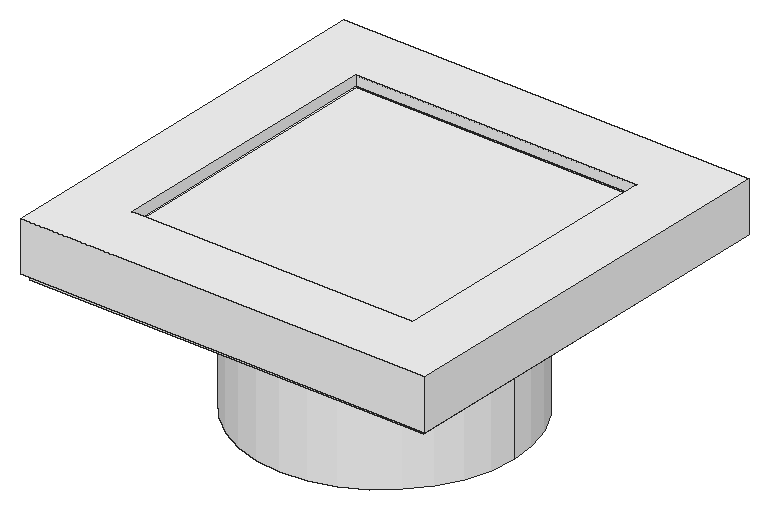
Revit family "Gira_012827", category Electrical Fixtures, host Face, Revit 2017
Family settings
  Host = Face
  Maintain Annotation Orientation = Yes
  Round Connector Dimension = Use Diameter
  Part Type = Normal
  Cut with Voids When Loaded = No
  Shared = No
  Room Calculation Point = No
Parameters (values of type "Tastschalter Wechselsch. 2f System 55 Reinweiß m")
  Zusammenstellung = "Basiselement mit zentraler Abdeckplatte"
  White [instance] = White
  Werkstoffgüte = "sonstige"
  Werkstoff = "sonstige"
  Waschmaschinenschalter = "No"
  URL = "http://katalog.gira.de/de_DE/datenblatt.html?artikelnr=012827"
  Textfeld/Beschriftungsfläche = "nein"
  Tastschalter = "Yes"
  Schaltungsart = "Wechsel-/Wechselschalter"
  Rückmeldekontakt = "No"
  Region = "DE"
  RAL-Nummer (ähnlich) = "9010 "
  Oberfläche = "sonstige"
  Nennspannung = "250 Volt"
  Name = "Tastschalter Wechselsch. 2f System 55 Reinweiß m"
  Montageart = "unter Putz"
  Model = "Sys55_Komplettgerät_Schalten und Tasten"
  Mit Montageplatte = "No"
  Manufacturer URL = "https://www.gira.de/"
  HeinzeBIM = "https://bimportal.heinze.de/bim/tastschalter-wechselsch-2f-system-55-reinweiss-m/c6db94acbe3c989c6e062a3dc7877697d8ed5928"
  Halogenfrei = "Yes"
  HAN = "012827"
  Geeignet für Schutzart (IP) = "IP20"
  GTIN = "4010337128274"
  Farbe = "weiß"
  Default Elevation = 1219.2 mm
  Data sheet (1) = "https://katalog.gira.de/de_DE/download.html?artikelnr=012827"
  Category = "Installationsschalter"
  Bemessungsstrom = "10 Ampere"
  Beleuchtung = "nein"
  Befestigungsart = "Krallen-/Schraubbefestigung"
  Bedienungsart = "Wippe/Taste"
  Available = "Yes"
  Ausführung der Oberfläche = "matt"
  Anzahl der Betätigungswippen = "2 "
  Anschlussart = "Steckklemme"
Reference planes
  plane 1 "Center (Front/Back)": y = 0
  plane 2: z = 0
  plane 3 "Center (Left/Right)": x = 0
Forms (mm)
  Extrusion 1, solid, material "White" <- "White", detail levels medium
    sketch origin (0, 0, 0) x (1, 0, 0) y (0, 1, 0)
      loop
        line (-40.4, 40.4) -> (-40.4, -40.4) -> (40.4, -40.4) -> (40.4, 40.4) -> (-40.4, 40.4)
      loop
        line (-28, 28) -> (-28, -28) -> (28, -28) -> (28, 28) -> (-28, 28)
    from 0 to 10
  Extrusion 2, solid, material "White" <- "White", detail levels fine
    sketch origin (0, 0, 0) x (1, 0, 0) y (0, 1, 0)
      loop
        line (-40.4, 40.4) -> (-40.4, -40.4) -> (40.4, -40.4) -> (40.4, 40.4) -> (-40.4, 40.4)
      loop
        line (-28, 28) -> (-28, -28) -> (28, -28) -> (28, 28) -> (-28, 28)
    from 0 to 10
  Extrusion 3, void
    sketch origin (0, 0, 0) x (1, 0, 0) y (0, 1, 0)
      loop
        line (-38.4, 38.4) -> (-38.4, -38.4) -> (38.4, -38.4) -> (38.4, 38.4) -> (-38.4, 38.4)
    from 0 to 8
  Extrusion 4, solid, material "White" <- "White", detail levels medium+fine
    sketch origin (0, 0, 0) x (1, 0, 0) y (0, 1, 0)
      loop
        line (-39.4, 39.4) -> (-39.4, -39.4) -> (39.4, -39.4) -> (39.4, 39.4) -> (-39.4, 39.4)
    from 0 to -1
  Extrusion 5, solid, material "White" <- "White", detail levels medium+fine
    sketch origin (0, 0, 0) x (1, 0, 0) y (0, 1, 0)
      loop
        line (-35.5, 35.5) -> (-35.5, -35.5) -> (35.5, -35.5) -> (35.5, 35.5) -> (-35.5, 35.5)
    from -2 to -3
  Extrusion 6, solid, material "White" <- "White", detail levels medium+fine
    sketch origin (0, 0, 0) x (1, 0, 0) y (0, 1, 0)
      loop
        circle (0, 0) r 26
    from 0 to -27.5
  Extrusion 7, solid, material "White" <- "White", detail levels coarse
    sketch origin (0, 0, 0) x (1, 0, 0) y (0, 1, 0)
      loop
        line (-40.4, 40.4) -> (-40.4, -40.4) -> (40.4, -40.4) -> (40.4, 40.4) -> (-40.4, 40.4)
    from -27.5 to 10
Cuts and joins
  Extrusion 3 cuts Extrusion 2
Dimensions and locks
  aligned and locked: plane 2 to host face
  aligned and locked: level to host face
  aligned and locked: plane 3 "Center (Left/Right)" to nested 2
  aligned and locked: plane 1 "Center (Front/Back)" to nested 2
Nested families
  nested 1: "Sys55_Abdeckung_Schalten und Tasten_floor_base" at (0, 0, 0), type "Sys55_Abdeckung_Schalten und Tasten_floor_base"
  nested 2: "Schalter" at (0, 0, 0), type "Schalter"
Connectors
  electrical at (0, 0, -27.5)
    settings: on Extrusion 6, index 1, voltage 220 V, apparent load 0 VA, apparent load phase1 0 VA, apparent load phase2 0 VA, apparent load phase3 0 VA, power factor 1, load classification "Other", number of poles 1, system type 30, power factor state 1, is connector primary yes, connector utility no, sub classification motor no, connector description ""
Definition of nested family "Sys55_Abdeckung_Schalten und Tasten_floor_base"
  Parameters
    Default Elevation = 1219.2 mm
    White [instance] = none
  Reference planes
    plane 1 "Center (Front/Back)": y = 0
    plane 2: z = 0
    plane 3 "Center (Left/Right)": x = 0
  Forms (mm)
    Extrusion 1, solid
      sketch origin (0, 0, 0) x (1, 0, 0) y (0, 1, 0)
        loop
          line (-1219.2, 1219.2) -> (-1219.2, -1219.2) -> (1219.2, -1219.2) -> (1219.2, 1219.2) -> (-1219.2, 1219.2)
      from 0 to -304.8
    Extrusion 2, solid, material <- "White", detail levels fine
      sketch origin (0, 0, 0) x (1, 0, 0) y (0, 1, 0)
        loop
          line (-27.5, 27.5) -> (-27.5, -27.5) -> (27.5, -27.5) -> (27.5, 27.5) -> (-27.5, 27.5)
      from 0 to 8
    Extrusion 3, void
      sketch origin (0, 0, 0) x (1, 0, 0) y (0, 1, 0)
        loop
          line (26, 26) -> (-26, 26) -> (-26, -26) -> (26, -26) -> (26, 26)
      from 0 to 6
    Extrusion 4, solid, material <- "White", detail levels medium
      sketch origin (0, 0, 0) x (1, 0, 0) y (0, 1, 0)
        loop
          line (-27.5, 27.5) -> (-27.5, -27.5) -> (27.5, -27.5) -> (27.5, 27.5) -> (-27.5, 27.5)
      from 0 to 8
    Extrusion 5, solid, material <- "White", detail levels medium
      sketch origin (0, 0, 0) x (1, 0, 0) y (0, 1, 0)
        loop
          line (11, -17.5) -> (11, 17.5) -> (-11, 17.5) -> (-11, -17.5) -> (11, -17.5)
      from -6 to 6
    Extrusion 6, solid, material <- "White", detail levels fine
      sketch origin (0, 0, 0) x (1, 0, 0) y (0, 1, 0)
        loop
          line (11, 17.5) -> (-11, 17.5) -> (-11, 16.5) -> (11, 16.5) -> (11, 17.5)
        loop
          line (-11, -16.5) -> (-11, -17.5) -> (11, -17.5) -> (11, -16.5) -> (-11, -16.5)
      from -4 to 6
    Extrusion 7, solid, material <- "White", detail levels fine
      sketch origin (0, 0, 0) x (1, 0, 0) y (0, 1, 0)
        loop
          arc (5, 9.347) -> (0, 10.6) -> (-5, 9.347) r 10.6
          line (-5, 9.347) -> (-5, -9.347)
          arc (-5, -9.347) -> (0, -10.6) -> (5, -9.347) r 10.6
          line (5, -9.347) -> (5, 9.347)
      from -6 to 6
    Extrusion 8, solid, material <- "White", detail levels coarse
      sketch origin (0, 0, 0) x (1, 0, 0) y (0, 1, 0)
        loop
          line (-27.5, 27.5) -> (-27.5, -27.5) -> (27.5, -27.5) -> (27.5, 27.5) -> (-27.5, 27.5)
      from -6 to 8
  Cuts and joins
    Extrusion 3 cuts Extrusion 2
  Dimensions and locks
    aligned and locked: plane 2 to Extrusion 1
    aligned and locked: level to Extrusion 1
Definition of nested family "Schalter"
  Reference planes
    plane 1: y = 0
    plane 2: x = 0
  Lines and regions (mm)
    detail lines
      curve 1: circle (1.375, 2.778, 0) r 0.8 normal (0, 0, 1)
      curve 2: line (1.021, 2.061, 0) -> (0, 0, 0)
      curve 3: line (0, 0, 0) -> (-0.538, 0.266, 0)
  Dimensions and locks
    curve 2 to curve 2 = 2.3 mm
    curve 3 to curve 2 = 0.6 mm
    radius of curve 1 = 0.8 mm
